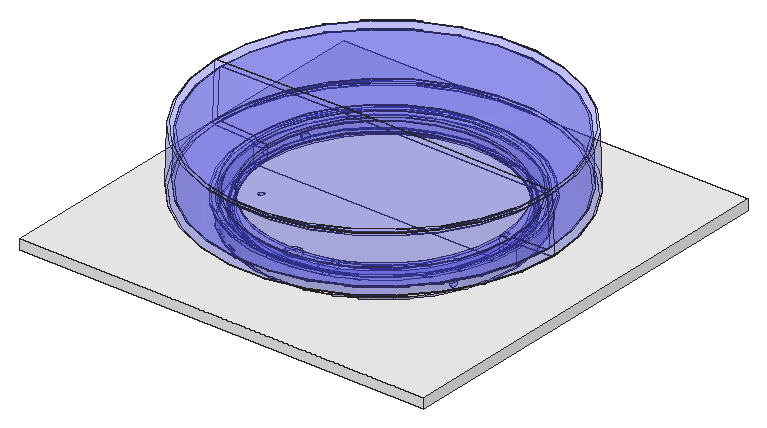
Revit family "BE_50651_de_DE", category Leuchten, Revit 2020
Family settings
  Basisbauteil = Fläche
  Bemaßung runder Anschluss = Durchmesser verwenden
  Teiletyp = Normal
  Beim Laden mit Abzugskörper schneiden = Ja
  Lichtquelle = Ja
  Gemeinsam genutzt = Nein
  Raumberechnungspunkt = Ja
Parameters (values of type "BEGA_50651_K4")
  built-in parameter 1150104 = 12.077 (stored number, unit not read)
  Wattage = 16.4 W
  Default Elevation = 0 mm
  built-in parameter 1150113 = 1 (stored number, unit not read)
  built-in parameter 1114218 = 1 (stored number, unit not read)
  Umgebungstemperatur = "25 °C"
  URL = "https://www.bega.com/de/produkt/50651"
  Typenkommentare = "© 2022 BEGA. Wir behalten uns das Recht vor, technische Änderungen ohne vorherige Ankündigung vorzunehmen."  # constant formula
  built-in parameter 1150134 = 12
  built-in parameter 1150109 = 1 (stored number, unit not read)
  Strom = ""
  built-in parameter 1150110 = 1 (stored number, unit not read)
  Spannung = 239.996 V
  Sonderanfertigung = no
  Seriennummer [instance] = "Hier können Sie die eindeutige Seriennummer für das Facility Management eintragen."
  Schutzklasse = "I"
  Schutzart = "IP 44"
  Scheinlast = 0 VA
  Produktdatenblatt = "https://cdn.bega.com/bega/products/50651K4/current/documents/data-sheets/de"
  Oberflächentemperatur = ""
  Neigungswinkel = 0.00°
  Modell = "50651K4"
  Material_17 = BEGA_Reflektor
  Material_15 = BEGA_Leuchtmedium_matt
  Material_11 = BEGA_Glas_opal
  Material_09 = BEGA_Glas_klar
  Material_06 = BEGA_Oberfläche_Edelstahl_gebürstet
  Material_03 = BEGA_Oberfläche_Weiss_matt
  Material_02 = BEGA_Oberfläche_Silber_matt
  Material_01 [instance] = BEGA_Oberfläche_Grafit_matt
  M_W = no
  M_G = no
  M_A = no
  Logo = 0
  built-in parameter 1114217 = 1 (stored number, unit not read)
  built-in parameter 1150139 = (empty or 0)
  built-in parameter 1150105 = 522.08 (stored number, unit not read)
  built-in parameter 1150114 = 1 (stored number, unit not read)
  Lumens = 2132 lm
  built-in parameter 1150115 = 1 (stored number, unit not read)
  Leuchtenlichtstrom = "1660 lm"
  Leuchtenanzahl = ""
  Lebensdauerkriterien = "L70B50 @ 25 °C = 179000 h"
  Lastklassifizierung = Beleuchtung
  built-in parameter 1150112 = 1 (stored number, unit not read)
  Lampenlichtstrom = "2125 lm"
  Lampe = "LED 16.4 W"
  LED_Modulbezeichnung = "LED-0569/940"
  Hersteller = "BEGA"  # constant formula
  Halbstreuwinkel = ""
  Gewicht = "2.8 kg"
  Gebrauchslageneinschränkung [instance] = ""
  Frequenz = "0/50-60 Hz"
  Farbwiedergabeindex = "CRI > 90"
  Farbtemperaturverschiebung bei Dämpfen der Lampe = <Keine Auswahl>
  Farbtemperatur = "4000 K"
  Color Filter = 16777215
  built-in parameter 1150133 = 10 (stored number, unit not read)
  Energieeffizienzklasse = "LED A++ - A"
  built-in parameter 1150137 = (empty or 0)
  built-in parameter 1150132 = (empty or 0)
  ENEC = "ja"
  Dimmbar [instance] = "on/off"
  Datei für fotometrisches Netz = "BE_50651K4.IES"
  CE_Konformität = "ja"
  Bestellnummer = "50651K4"
  Beschreibung_Sonderanfertigung = "Hier können Sie Informationen zur Sonderanfertigung eintragen."
  Beschreibung = "Decken- und Wandleuchte"
  built-in parameter 1150106 = 5.2208 (stored number, unit not read)
  Befestigungsbohrung = "Ø 5,5 mm"
  Befestigungsabstand = "200 mm"
  Ballwurfsicher = ""
  BEGA_Intern_aus = yes
  BEGA_Intern_an = yes
  BEGA_Intern_Konstruktion = yes
  BEGA_Intern = yes
  BEGA_IES = yes
  BEGA_Dummy = no
  Anschlussleitung = ""
  Anschlussleistung [instance] = "18.5 W"
  Anschlusskasten = ""
  built-in parameter 1150107 = 4000 (stored number, unit not read)
  built-in parameter 1150102 = (empty or 0)
  built-in parameter 1150138 = (empty or 0)
  Aktualisierung = "2022-05-19T04:00:07"
  Abstand_zur_angestrahlten_Fläche [instance] = ""
  AC/DC = "AC/DC"
Types (2, lengths in mm): name | built-in parameter 1150104 | built-in parameter 1150134 | Modell | built-in parameter 1150105 | Lumens | Leuchtenlichtstrom | Lampenlichtstrom | LED_Modulbezeichnung | Farbtemperatur | Datei für fotometrisches Netz | Bestellnummer | built-in parameter 1150106 | built-in parameter 1150107
  BEGA_50651_K3 | 11.613 (stored number, unit not read) | (empty or 0) | "50651K3" | 163.13 (stored number, unit not read) | 2050 lm | "1601 lm" | "2050 lm" | "LED-0569/930" | "3000 K" | "BE_50651K3.IES" | "50651K3" | 1.6313 (stored number, unit not read) | 3000 (stored number, unit not read)
  BEGA_50651_K4 | 12.077 (stored number, unit not read) | 12 | "50651K4" | 522.08 (stored number, unit not read) | 2132 lm | "1660 lm" | "2125 lm" | "LED-0569/940" | "4000 K" | "BE_50651K4.IES" | "50651K4" | 5.2208 (stored number, unit not read) | 4000 (stored number, unit not read)
Reference planes
  plane 1 "Mitte (Vorne/Hinten)": y = 0
  plane 2: z = 0
  plane 3 "Mitte (Links/Rechts)": x = 0
  plane 4 "Links": x = -168.948
  plane 5 "Rechts": x = 168.948
  plane 6 "Unten": y = -168.9
  plane 7 "Oben": y = 168.9
  plane 8 "Vorne": z = 85.255
  plane 9 "Hinten": z = 0
Forms (mm)
  Extrusion 1, solid, material "BEGA_Platte_Weiss"
    sketch origin (0, -1119.2, 0) x (1, 0, 0) y (0, 1, 0)
      loop
        line (-200, 1319.2) -> (-200, 919.2) -> (200, 919.2) -> (200, 1319.2) -> (-200, 1319.2)
    from 0 to -10
  Extrusion 2, solid, material "BEGA_Dummy_matt", visible <- "BEGA_Dummy"
    sketch origin (77.149, -76.023, 0) x (1, 0, 0) y (0, 1, 0)
      loop
        circle (-77.149, 76.023) r 168.948
    from 0 to 85.255
Dimensions and locks
  plane 1 "Mitte (Vorne/Hinten)" to Extrusion 1 = 200 mm
  aligned and locked: plane 2 to Extrusion 1
  aligned and locked: level to Extrusion 1
Nested families
  nested 1: "BE_50651" at (0, 0, 0), type "BE_50651"
Connectors
  electrical at (0, 0, 0), driven by "Lastklassifizierung", driven by "Spannung", driven by "Scheinlast"
    settings: index 1, voltage 239.996 V, apparent load 0 VA, apparent load phase1 0 VA, apparent load phase2 0 VA, apparent load phase3 0 VA, power factor 1, load classification "Beleuchtung", number of poles 1, system type 31, power factor state 1, is connector primary yes, connector utility no, sub classification motor no, connector description ""
Definition of nested family "BE_50651"
  Parameters (values of type "BE_50651")
    Default Elevation = 1 mm
    URL = "http://www.bega.de/de/produkt"
    Type Comments = "© 2015 BEGA. Wir behalten uns das Recht vor, technische Änderungen ohne vorherige Ankündigung vorzunehmen. "  # constant formula
    Type Image = (empty or 0)
    Neigungswinkel_um_Z2 = 0.00°
    Neigungswinkel_um_Z1 = 0.00°
    Neigungswinkel_um_Y2 = 0.00°
    Neigungswinkel_um_Y1 = 0.00°
    Neigungswinkel_um_X2 = 0.00°
    Neigungswinkel_um_X1 = 0.00°
    Material_17 = none
    Material_15 = none
    Material_11 = none
    Material_09 = none
    Material_06 = none
    Material_05 = none
    Material_03 = none
    Material_02 = none
    Material_01 = none
    M_W = yes
    M_G = yes
    M_A = yes
    Länge_Platte = 450 mm  # constant formula
    Höhe_Platte = -10 mm  # constant formula
    Manufacturer = "BEGA"  # constant formula
    Drehwinkel_um_Z2 = 0.00°
    Drehwinkel_um_Z1 = 0.00°
    Breite_Platte = 450 mm  # constant formula
  Reference planes
    plane 1 "Mitte (Oben/Unten)": y = 0
    plane 2: z = 0
    plane 3 "Mitte (Links/Rechts)": x = 0
    plane 4: x = -168.948
    plane 5: z = 85.255
    plane 6: x = 168.948
    plane 7: y = -168.9
    plane 8: y = 168.9
  Forms (mm)
    Extrusion 1, solid, detail levels medium
      sketch origin (0, 0, 0) x (1, 0, 0) y (0, 1, 0)
        loop
          line (-225, 225) -> (-225, -225) -> (225, -225) -> (225, 225) -> (-225, 225)
      from 0 to -10 <- "Höhe_Platte"
    Revolve 2, solid, material <- "Material_03", detail levels medium+fine
      sketch origin (0, 0, 0) x (1, 0, 0) y (0, 0, 1)
        loop
          line (-131.35, 4) -> (-131.63, 20.036)
          arc (-131.63, 20.036) -> (-132.229, 21.427) -> (-133.63, 22) r 2
          line (-133.63, 22) -> (-135, 22) -> (-135, 24) -> (-133.627, 24)
          arc (-133.627, 24) -> (-130.825, 22.852) -> (-129.631, 20.07) r 4
          line (-129.631, 20.07) -> (-129.367, 4.983)
          arc (-129.367, 4.983) -> (-129.068, 4.287) -> (-128.367, 4) r 1
          line (-128.367, 4) -> (0, 4) -> (0, 1.99) -> (-129.29, 1.99)
          arc (-129.29, 1.99) -> (-130.714, 2.586) -> (-131.3, 4) r 2
        axis (0, 1.99) -> (0, 24)
      angle from 0 to 360
    Revolve 3, solid, material <- "Material_03", detail levels medium+fine
      sketch origin (0, 0, 0) x (1, 0, 0) y (0, 0, 1)
        loop
          arc (-124.759, 2.845) -> (-122.212, 0.75) -> (-119, 0) r 7.249
          line (-119, 0) -> (-119, 2.845) -> (-124.759, 2.845)
        axis (-119, 0) -> (-119, 2.845)
      angle from 0 to 360
    Revolve 4, solid, material <- "Material_03", detail levels medium+fine
      sketch origin (0, 0, 0) x (0, -1, 0) y (0, 0, 1)
        loop
          arc (-124.759, 2.845) -> (-122.212, 0.75) -> (-119, 0) r 7.249
          line (-119, 0) -> (-119, 2.845) -> (-124.759, 2.845)
        axis (-119, 0) -> (-119, 2.845)
      angle from 0 to 360
    Revolve 5, solid, material <- "Material_03", detail levels medium+fine
      sketch origin (0, 0, 0) x (0, 1, 0) y (0, 0, 1)
        loop
          arc (-124.759, 2.845) -> (-122.212, 0.75) -> (-119, 0) r 7.249
          line (-119, 0) -> (-119, 2.845) -> (-124.759, 2.845)
        axis (-119, 0) -> (-119, 2.845)
      angle from 0 to 360
    Revolve 6, solid, material <- "Material_03", detail levels medium+fine
      sketch origin (0, 0, 0) x (-1, 0, 0) y (0, 0, 1)
        loop
          arc (-124.759, 2.845) -> (-122.212, 0.75) -> (-119, 0) r 7.249
          line (-119, 0) -> (-119, 2.845) -> (-124.759, 2.845)
        axis (-119, 0) -> (-119, 2.845)
      angle from 0 to 360
    Revolve 7, solid, material <- "Material_11", detail levels medium+fine
      sketch origin (0, 0, 0) x (1, 0, 0) y (0, 0, 1)
        loop
          arc (-165.579, 83.3) -> (-166.944, 82.717) -> (-167.531, 81.353) r 2
          line (-167.531, 81.353) -> (-168.948, 27.237)
          arc (-168.948, 27.237) -> (-168.406, 25.815) -> (-167.021, 25.186) r 2
          line (-167.021, 25.186) -> (-130.472, 23.91)
          arc (-130.472, 23.91) -> (-129.762, 21.529) -> (-127.5, 20.5) r 3
          line (-127.5, 20.5) -> (-118.75, 20.5) -> (-118.75, 14.266)
          arc (-118.75, 14.266) -> (-118.957, 13.658) -> (-119.491, 13.301) r 1
          line (-119.491, 13.301) -> (-120.509, 13.029)
          arc (-120.509, 13.029) -> (-121.043, 12.671) -> (-121.25, 12.062) r 1
          line (-121.25, 12.062) -> (-121.25, 8.5) -> (-117.25, 8.5) -> (-117.25, 11.116) -> (-115.732, 11.523)
          arc (-115.732, 11.523) -> (-114.663, 12.239) -> (-114.25, 13.457) r 2
          line (-114.25, 13.457) -> (-114.25, 22.559)
          arc (-114.25, 22.559) -> (-114.448, 24.079) -> (-115.024, 25.5) r 6
          line (-115.024, 25.5) -> (-125.52, 25.5)
          arc (-125.52, 25.5) -> (-126.227, 27.799) -> (-128.395, 28.84) r 3
          line (-128.395, 28.84) -> (-161.889, 30.009)
          arc (-161.889, 30.009) -> (-163.277, 30.638) -> (-163.82, 32.062) r 2
          line (-163.82, 32.062) -> (-162.659, 76.463)
          arc (-162.659, 76.463) -> (-162.072, 77.828) -> (-160.706, 78.411) r 1.999
          arc (-160.706, 78.411) -> (-80.358, 79.793) -> (0, 80.254) r 7008.517
          line (0, 80.254) -> (0, 85.255)
          arc (0, 85.255) -> (-82.795, 84.766) -> (-165.579, 83.3) r 7013.52
        axis (0, 85.255) -> (0, 8.5)
      angle from 0 to 360
    Extrusion 8, void
      sketch origin (0, 0, 0) x (1, 0, 0) y (0, 1, 0)
        loop
          circle (93.969, 34.202) r 2.75
        loop
          circle (-93.969, -34.202) r 2.75
        loop
          circle (-17.5, -90) r 8.5
        loop
          circle (17.5, -90) r 8.5
      from 0 to 6
    Revolve 9, solid, material <- "Material_06", detail levels fine
      sketch origin (0, 0, 11) x (1, 0, 0) y (0, 1, 0)
        loop
          line (-119.997, 53.917) -> (-121.371, 50.972) -> (-114.944, 47.975) -> (-113.571, 50.92) -> (-119.997, 53.917)
        axis (-114.944, 47.975) -> (-121.371, 50.972)
      angle from 0 to 360
    Revolve 10, solid, material <- "Material_06", detail levels fine
      sketch origin (0, 0, 11) x (-0.642788, 0.766044, 0) y (-0.766044, -0.642788, 0)
        loop
          line (-119.997, -53.917) -> (-113.571, -50.92) -> (-114.944, -47.975) -> (-121.371, -50.972) -> (-119.997, -53.917)
        axis (-114.944, -47.975) -> (-121.371, -50.972)
      angle from 0 to 360
  Cuts and joins
    Extrusion 8 cuts Revolve 2
    Extrusion 8 cuts Revolve 3
    Extrusion 8 cuts Revolve 4
    Extrusion 8 cuts Revolve 5
    Extrusion 8 cuts Revolve 6
    joined: Revolve 2, Revolve 3, Revolve 4, Revolve 5, Revolve 6
  Dimensions and locks
    equal spacing: Extrusion 1 sketch curve, plane 3 "Mitte (Links/Rechts)", Extrusion 1 sketch curve
    equal spacing: Extrusion 1 sketch curve, plane 1 "Mitte (Oben/Unten)", Extrusion 1 sketch curve
    "Länge_Platte": Extrusion 1 sketch curve to Extrusion 1 sketch curve
    "Breite_Platte": Extrusion 1 sketch curve to Extrusion 1 sketch curve
    aligned and locked: Extrusion 1 to plane 2
    aligned and locked: level to Extrusion 1
  Automatic sketch dimensions
    Revolve 2 sketch curve to plane 3 "Mitte (Links/Rechts)" = 0 mm  (x2)
    level to Revolve 2 sketch curve = 4 mm  (x2)
    Revolve 2 sketch curve to Revolve 2 sketch curve = 0.933 mm
    level to Revolve 2 sketch curve = 20.036 mm
    Revolve 2 sketch curve to Revolve 2 sketch curve = 3.263 mm
    Revolve 2 sketch curve to Revolve 2 sketch curve = 1.997 mm
    Revolve 2 sketch curve to Revolve 2 sketch curve = 2 mm  (x4)
    Revolve 2 sketch curve to Revolve 2 sketch curve = 0 mm  (x9)
    Revolve 2 sketch curve to Revolve 2 sketch curve = 1.37 mm  (x2)
    level to Revolve 2 sketch curve = 1.99 mm
    Revolve 2 sketch curve to Revolve 2 sketch curve = 1 mm
    Revolve 2 sketch curve to Revolve 2 sketch curve = 0.036 mm
    Revolve 2 sketch curve to Revolve 2 sketch curve = 0.01 mm  (x2)
    Revolve 2 sketch curve to Revolve 2 sketch curve = 0.067 mm
    level to Revolve 2 sketch curve = 4.983 mm
    level to Revolve 2 sketch curve = 20.07 mm
    Revolve 2 sketch curve to Revolve 2 sketch curve = 0.05 mm
    Revolve 2 sketch curve to Revolve 2 sketch curve = 0.569 mm
    level to Revolve 3 sketch curve = 2.845 mm
    Revolve 3 sketch curve to Revolve 3 sketch curve = 5.758 mm
    Revolve 3 sketch curve to Revolve 3 sketch curve = 0 mm  (x3)
    level to Revolve 3 sketch curve = 0 mm
    Revolve 3 sketch curve to Revolve 3 sketch curve = 0.469 mm
    level to Revolve 4 sketch curve = 2.845 mm
    Revolve 4 sketch curve to Revolve 4 sketch curve = 5.758 mm
    Revolve 4 sketch curve to Revolve 4 sketch curve = 0 mm  (x3)
    level to Revolve 4 sketch curve = 0 mm
    Revolve 4 sketch curve to Revolve 4 sketch curve = 0.469 mm
    level to Revolve 5 sketch curve = 2.845 mm
    Revolve 5 sketch curve to Revolve 5 sketch curve = 5.758 mm
    Revolve 5 sketch curve to Revolve 5 sketch curve = 0 mm  (x3)
    level to Revolve 5 sketch curve = 0 mm
    Revolve 5 sketch curve to Revolve 5 sketch curve = 0.469 mm
    level to Revolve 6 sketch curve = 2.845 mm
    Revolve 6 sketch curve to Revolve 6 sketch curve = 5.758 mm
    Revolve 6 sketch curve to Revolve 6 sketch curve = 0 mm  (x3)
    level to Revolve 6 sketch curve = 0 mm
    Revolve 6 sketch curve to Revolve 6 sketch curve = 0.469 mm
    Revolve 7 sketch curve to plane 3 "Mitte (Links/Rechts)" = 0 mm  (x2)
    level to Revolve 7 sketch curve = 22.559 mm
    Revolve 7 sketch curve to Revolve 7 sketch curve = 0.774 mm
    Revolve 7 sketch curve to Revolve 7 sketch curve = 2 mm  (x2)
    Revolve 7 sketch curve to Revolve 7 sketch curve = 1 mm  (x4)
    Revolve 7 sketch curve to Revolve 7 sketch curve = 4.5 mm
    Revolve 7 sketch curve to Revolve 7 sketch curve = 0.5 mm
    Revolve 7 sketch curve to Revolve 7 sketch curve = 1.5 mm
    Revolve 7 sketch curve to Revolve 7 sketch curve = 5.269 mm
    Revolve 7 sketch curve to Revolve 7 sketch curve = 1.98 mm
    level to Revolve 7 sketch curve = 23.91 mm
    Revolve 7 sketch curve to Revolve 7 sketch curve = 1.972 mm
    Revolve 7 sketch curve to Revolve 7 sketch curve = 31.349 mm
    Revolve 7 sketch curve to Revolve 7 sketch curve = 0.068 mm
    Revolve 7 sketch curve to Revolve 7 sketch curve = 1.998 mm
    Revolve 7 sketch curve to Revolve 7 sketch curve = 1.999 mm  (x5)
    Revolve 7 sketch curve to Revolve 7 sketch curve = 2.873 mm
    Revolve 7 sketch curve to Revolve 7 sketch curve = 3.129 mm
    Revolve 7 sketch curve to Revolve 7 sketch curve = 0.072 mm
    plane 3 "Mitte (Links/Rechts)" to Revolve 7 sketch curve = 0 mm
    plane 3 "Mitte (Links/Rechts)" to Revolve 7 sketch curve = 0.003 mm
    Revolve 7 sketch curve to Revolve 7 sketch curve = 0.007 mm
    Revolve 7 sketch curve to Revolve 7 sketch curve = 2.052 mm
    Revolve 7 sketch curve to Revolve 7 sketch curve = 6.233 mm
    Revolve 7 sketch curve to Revolve 7 sketch curve = 0.001 mm
    Revolve 7 sketch curve to Revolve 7 sketch curve = 0.809 mm
    Revolve 7 sketch curve to Revolve 7 sketch curve = 2.205 mm
    Revolve 7 sketch curve to Revolve 7 sketch curve = 2.341 mm
    Revolve 7 sketch curve to Revolve 7 sketch curve = 2.616 mm
    Revolve 7 sketch curve to level = 6928.263 mm
    Revolve 7 sketch curve to Revolve 7 sketch curve = 0.002 mm
    level to Revolve 7 sketch curve = 25.186 mm
    Revolve 7 sketch curve to Revolve 7 sketch curve = 2.342 mm
    Revolve 7 sketch curve to Revolve 7 sketch curve = 2.825 mm
    Revolve 7 sketch curve to Revolve 7 sketch curve = 44.404 mm
    Revolve 7 sketch curve to Revolve 7 sketch curve = 0.051 mm
    level to Revolve 7 sketch curve = 80.254 mm
    Revolve 7 sketch curve to Revolve 7 sketch curve = 2.889 mm
    Revolve 7 sketch curve to Revolve 7 sketch curve = 5.001 mm
    Revolve 7 sketch curve to Revolve 7 sketch curve = 1.518 mm
    level to Revolve 7 sketch curve = 11.523 mm
    Revolve 7 sketch curve to Revolve 7 sketch curve = 0 mm  (x12)
    Revolve 7 sketch curve to Revolve 7 sketch curve = 0.259 mm  (x2)
    level to Revolve 7 sketch curve = 13.301 mm
    level to Revolve 7 sketch curve = 13.029 mm
    level to Revolve 7 sketch curve = 28.84 mm
    Revolve 7 sketch curve to Revolve 7 sketch curve = 0.105 mm
    Revolve 7 sketch curve to Revolve 7 sketch curve = 0.047 mm
    Revolve 7 sketch curve to Revolve 7 sketch curve = 14.999 mm
    Revolve 7 sketch curve to Revolve 7 sketch curve = 0.052 mm
    Revolve 9 sketch curve to plane 1 "Mitte (Oben/Unten)" = 53.917 mm
    Revolve 9 sketch curve to Revolve 9 sketch curve = 1.374 mm  (x2)
    Revolve 9 sketch curve to plane 1 "Mitte (Oben/Unten)" = 47.975 mm
    Revolve 9 sketch curve to Revolve 9 sketch curve = 6.426 mm
    Revolve 9 sketch curve to Revolve 9 sketch curve = 2.945 mm
    Revolve 9 sketch curve to Revolve 9 sketch curve = 1.945 mm
    Revolve 9 sketch curve to Revolve 9 sketch curve = 4.067 mm
    Revolve 9 sketch curve to Revolve 9 sketch curve = 1.896 mm
    Revolve 9 sketch curve to Revolve 9 sketch curve = 0.907 mm
    plane 1 "Mitte (Oben/Unten)" to Revolve 10 sketch curve = 60.211 mm
    Revolve 10 sketch curve to Revolve 10 sketch curve = 1.374 mm  (x2)
    Revolve 10 sketch curve to Revolve 10 sketch curve = 6.426 mm
    Revolve 10 sketch curve to Revolve 10 sketch curve = 2.946 mm
    Revolve 10 sketch curve to Revolve 10 sketch curve = 2.945 mm
    Revolve 10 sketch curve to Revolve 10 sketch curve = 1.945 mm
    Revolve 10 sketch curve to Revolve 10 sketch curve = 4.067 mm
    Revolve 10 sketch curve to Revolve 10 sketch curve = 0.907 mm
    Revolve 10 sketch curve to Revolve 10 sketch curve = 1.896 mm
    Revolve 2 sketch curve to plane 4 = 40.581 mm
    Revolve 3 sketch curve to plane 4 = 44.19 mm
    plane 4 to Revolve 7 sketch curve = 0 mm
    Revolve 7 sketch curve to plane 4 = 3.416 mm
    Revolve 9 sketch curve to plane 4 = 47.578 mm
    Revolve 6 sketch curve to plane 6 = 44.19 mm
    Revolve 10 sketch curve to plane 6 = 51.886 mm
    plane 7 to Revolve 5 sketch curve = 44.141 mm
    plane 8 to Revolve 4 sketch curve = 44.141 mm
    plane 1 "Mitte (Oben/Unten)" to Extrusion 8 sketch curve = 34.202 mm
    Extrusion 8 sketch curve to plane 4 = 74.979 mm
    Extrusion 8 sketch curve to plane 3 "Mitte (Links/Rechts)" = 17.5 mm
    plane 3 "Mitte (Links/Rechts)" to Extrusion 8 sketch curve = 17.5 mm
    Extrusion 8 sketch curve to plane 1 "Mitte (Oben/Unten)" = 34.202 mm
    Extrusion 8 sketch curve to plane 6 = 74.979 mm
    plane 7 to Extrusion 8 sketch curve = 78.9 mm
    Extrusion 8 sketch curve to Extrusion 8 sketch curve = 0 mm
    radius of Extrusion 8 sketch curve = 2.75 mm  (x2)
    radius of Extrusion 8 sketch curve = 8.5 mm  (x2)
